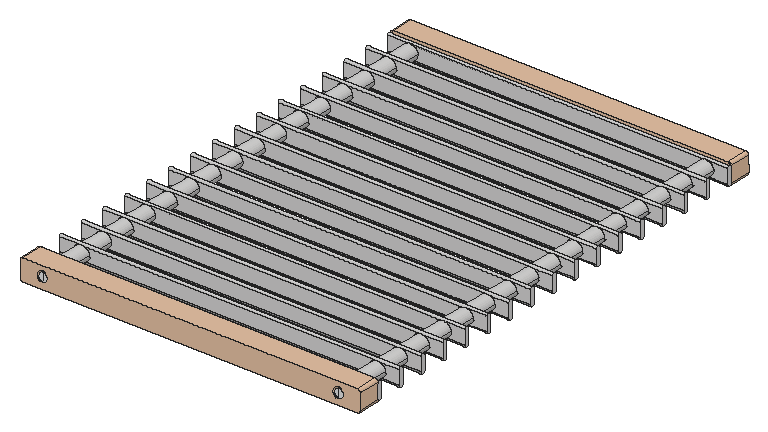
Revit family "Accessory-Sink_Rack-KOHLER-K-37923-1", category Specialty Equipment, host Face, Revit 2022 (continued)
Definition of nested family "K-37923"
  Automatic sketch dimensions
    curve 110 to curve 109 = 0.05825"
    curve 82 to curve 109 = 0.05825"
    level to curve 79 = 0.12255"
    curve 79 to curve 82 = 0.80847"
    curve 113 to curve 79 = 0.05825"
    curve 112 to curve 111 = 0.05825"
    curve 80 to curve 113 = 0.05825"
    level to curve 77 = 0.12255"
    curve 77 to curve 80 = 0.80849"
    curve 116 to curve 115 = 0.05825"
    curve 117 to curve 117 = 0.05825"
    curve 78 to curve 115 = 0.05825"
    level to curve 75 = 0.12255"
    curve 75 to curve 118 = 0.80865"
    curve 120 to curve 119 = 0.05825"
    curve 122 to curve 121 = 0.05825"
    curve 76 to curve 121 = 0.05825"
    level to curve 72 = 0.12255"
    curve 72 to curve 76 = 0.80838"
    curve 73 to curve 72 = 0.05825"
    curve 74 to curve 72 = 0.05825"
    curve 90 to plane 1 "Center (Front/Back)" = 0.05825"
    curve 137 to plane 6 = 0.12275"
    curve 90 to curve 137 = 0.81068"
    curve 137 to curve 142 = 0.05825"
    curve 140 to curve 139 = 0.05825"
    curve 140 to curve 138 = 0.05825"
    level to curve 135 = 0.12255"
    curve 138 to curve 135 = 0.8083"
    curve 135 to curve 145 = 0.05825"
    curve 144 to curve 144 = 0.05825"
    curve 144 to curve 136 = 0.05825"
    level to curve 133 = 0.12255"
    curve 146 to curve 133 = 0.8083"
    curve 133 to curve 148 = 0.05825"
    curve 149 to curve 149 = 0.05825"
    curve 148 to curve 134 = 0.05825"
    level to curve 131 = 0.12255"
    curve 150 to curve 131 = 207/256"
    curve 152 to curve 151 = 0.05825"
    curve 154 to curve 154 = 0.05825"
    curve 153 to curve 132 = 0.05825"
    level to curve 129 = 0.12255"
    curve 132 to curve 129 = 0.80847"
    curve 157 to curve 158 = 0.05825"
    curve 129 to curve 156 = 0.05825"
    curve 156 to curve 130 = 0.05825"
    curve 127 to plane 6 = 0.12275"
    curve 130 to curve 127 = 0.80849"
    curve 127 to curve 160 = 0.05825"
    curve 161 to curve 161 = 0.05825"
    curve 162 to curve 128 = 0.05825"
    curve 125 to plane 6 = 0.12275"
    curve 128 to curve 125 = 0.80865"
    curve 125 to curve 164 = 0.05825"
    curve 165 to curve 165 = 0.05825"
    curve 164 to curve 126 = 0.05825"
    level to curve 124 = 0.12255"
    curve 166 to curve 124 = 0.80838"
    curve 124 to curve 168 = 0.05825"
    curve 124 to curve 167 = 0.05825"
    level to curve 86 = 0.12255"
    level to curve 87 = 0.12255"
    level to curve 89 = 0.12255"
    level to curve 84 = 0.12255"
    level to curve 161 = 0.12255"
    level to curve 82 = 0.12255"
    level to curve 142 = 0.12255"
    level to curve 166 = 0.12255"
    curve 120 to plane 6 = 0.12275"
    curve 116 to plane 6 = 0.12275"
    curve 124 to plane 6 = 0.12275"
    curve 112 to plane 6 = 0.12275"
    curve 129 to plane 6 = 0.12275"
    curve 131 to plane 6 = 0.12275"
    curve 133 to plane 6 = 0.12275"
    curve 135 to plane 6 = 0.12275"
    curve 92 to plane 6 = 0.12275"
    curve 73 to plane 6 = 0.12275"
    curve 89 to curve 93 = 0.00136"
    curve 89 to curve 92 = 0.0012"
    curve 95 to curve 95 = 0.0012"
    curve 97 to curve 87 = 0.00136"
    curve 98 to curve 98 = 0.00136"
    curve 96 to curve 96 = 0.0012"
    curve 102 to curve 102 = 0.0012"
    curve 99 to curve 99 = 0.00136"
    curve 86 to curve 100 = 0.00136"
    curve 101 to curve 101 = 0.0012"
    curve 103 to curve 83 = 0.0012"
    curve 105 to curve 105 = 0.00136"
    curve 106 to curve 106 = 0.00136"
    curve 104 to curve 104 = 0.0012"
    curve 108 to curve 108 = 0.0012"
    curve 109 to curve 109 = 0.00136"
    curve 110 to curve 110 = 0.00136"
    curve 107 to curve 107 = 0.0012"
    curve 111 to curve 111 = 0.0012"
    curve 113 to curve 113 = 0.00136"
    curve 114 to curve 114 = 0.00136"
    curve 80 to curve 112 = 0.0012"
    curve 115 to curve 115 = 0.0012"
    curve 117 to curve 117 = 0.00136"
    curve 78 to curve 118 = 0.00136"
    curve 116 to curve 116 = 0.0012"
    curve 119 to curve 119 = 0.0012"
    curve 121 to curve 121 = 0.00136"
    curve 122 to curve 122 = 0.00136"
    curve 120 to curve 120 = 0.0012"
    curve 73 to curve 73 = 0.0012"
    curve 74 to curve 74 = 0.00136"
    curve 71 to curve 73 = 0.05825"
    curve 94 to curve 94 = 0.00136"
    curve 91 to curve 91 = 0.0012"
    curve 140 to curve 140 = 0.0012"
    curve 137 to curve 141 = 0.00136"
    curve 142 to curve 142 = 0.00136"
    curve 139 to curve 138 = 0.0012"
    curve 144 to curve 144 = 0.0012"
    curve 145 to curve 145 = 0.00136"
    curve 146 to curve 136 = 0.00136"
    curve 143 to curve 143 = 0.0012"
    curve 148 to curve 148 = 0.0012"
    curve 149 to curve 149 = 0.00136"
    curve 150 to curve 134 = 0.00136"
    curve 147 to curve 147 = 0.0012"
    curve 152 to curve 152 = 0.0012"
    curve 154 to curve 154 = 0.00136"
    curve 153 to curve 132 = 0.00136"
    curve 151 to curve 151 = 0.0012"
    curve 156 to curve 156 = 0.0012"
    curve 157 to curve 157 = 0.00136"
    curve 158 to curve 130 = 0.00136"
    curve 155 to curve 155 = 0.0012"
    curve 160 to curve 160 = 0.0012"
    curve 161 to curve 161 = 0.00136"
    curve 162 to curve 128 = 0.00136"
    curve 159 to curve 159 = 0.0012"
    curve 164 to curve 164 = 0.0012"
    curve 165 to curve 165 = 0.00136"
    curve 166 to curve 126 = 0.00136"
    curve 163 to curve 163 = 0.0012"
    curve 167 to curve 167 = 0.0012"
    curve 124 to curve 168 = 0.00136"
    curve 167 to curve 123 = 0.05825"
    curve 168 to curve 123 = 0"
    curve 71 to curve 74 = 0"
    curve 71 to curve 73 = 0"
    curve 167 to curve 123 = 0"
    curve 67 to curve 68 = 0"  (x2)
    curve 69 to curve 70 = 0"  (x2)
    curve 68 to plane 9 = 0"
    plane 10 to curve 70 = 0"
    curve 68 to plane 6 = 0.3599"
    curve 69 to plane 6 = 0.3599"
    plane 5 to Extrusion 1 sketch curve = 0"
    Extrusion 1 sketch curve to plane 6 = 0"
    Extrusion 1 sketch curve to level = 0"
    Extrusion 1 sketch curve to plane 4 = 0"
    Extrusion 1 sketch curve to Extrusion 1 sketch curve = 0.09799"
    Extrusion 1 sketch curve to plane 5 = 0.09843"
    Extrusion 1 sketch curve to Extrusion 1 sketch curve = 0.09843"
    Extrusion 1 sketch curve to plane 4 = 0.09843"
    plane 5 to Extrusion 2 sketch curve = 0"
    Extrusion 2 sketch curve to plane 6 = 0"
    Extrusion 2 sketch curve to level = 0"
    Extrusion 2 sketch curve to plane 4 = 0"
    Extrusion 2 sketch curve to Extrusion 2 sketch curve = 0.09799"
    Extrusion 2 sketch curve to plane 5 = 0.09843"
    Extrusion 2 sketch curve to Extrusion 2 sketch curve = 0.09843"
    Extrusion 2 sketch curve to plane 4 = 0.09843"
    Extrusion 3 sketch curve to plane 9 = 0"
    plane 10 to Extrusion 3 sketch curve = 0"
    level to Extrusion 3 sketch curve = 0.36003"  (x2)
    Extrusion 4 sketch curve to plane 1 "Center (Front/Back)" = 0"
    Extrusion 4 sketch curve to Extrusion 4 sketch curve = 0.05825"  (x17)
    level to Extrusion 4 sketch curve = 0.12255"  (x17)
    Extrusion 4 sketch curve to Extrusion 4 sketch curve = 0.81068"  (x2)
    Extrusion 4 sketch curve to Extrusion 4 sketch curve = 0.8083"  (x4)
    Extrusion 4 sketch curve to Extrusion 4 sketch curve = 207/256"  (x2)
    Extrusion 4 sketch curve to plane 6 = 0.12275"  (x17)
    Extrusion 4 sketch curve to Extrusion 4 sketch curve = 0.80847"  (x2)
    Extrusion 4 sketch curve to Extrusion 4 sketch curve = 0.80849"  (x2)
    Extrusion 4 sketch curve to Extrusion 4 sketch curve = 0.80865"  (x2)
    Extrusion 4 sketch curve to Extrusion 4 sketch curve = 0.80838"  (x2)
    Extrusion 5 sketch curve to plane 9 = 0"
    plane 10 to Extrusion 5 sketch curve = 0"
    level to Extrusion 5 sketch curve = 0.36003"  (x2)
    Revolve 6 sketch curve to plane 8 = 0.07626"
    plane 6 to Revolve 6 sketch curve = 0.3599"
    plane 6 to Revolve 6 sketch curve = 0.2774"
    plane 6 to Revolve 6 sketch curve = 0.1099"
    plane 6 to Revolve 6 sketch curve = 0.10864"
    plane 8 to Revolve 6 sketch curve = 0.0925"
    Revolve 6 sketch curve to Revolve 6 sketch curve = 0.2075"
    Revolve 6 sketch curve to Revolve 6 sketch curve = 0.43"
    Revolve 6 sketch curve to Revolve 6 sketch curve = 0"  (x2)
    Revolve 6 sketch curve to Revolve 6 sketch curve = 0.05162"
    plane 8 to Revolve 7 sketch curve = 0.01785"
    plane 6 to Revolve 7 sketch curve = 0.3599"
    Revolve 7 sketch curve to Revolve 7 sketch curve = 0.0787"
    Revolve 7 sketch curve to Revolve 7 sketch curve = 0.08458"
    Revolve 7 sketch curve to Revolve 7 sketch curve = 0.11144"
    plane 8 to Revolve 7 sketch curve = 0.10242"
    Revolve 7 sketch curve to Revolve 7 sketch curve = 0.22198"
    Revolve 7 sketch curve to Revolve 7 sketch curve = 0.40559"
    Revolve 7 sketch curve to Revolve 7 sketch curve = 0"  (x2)
    Revolve 7 sketch curve to plane 8 = 0.13854"
    plane 8 to Revolve 8 sketch curve = 0.07626"
    Revolve 8 sketch curve to plane 6 = 0.3599"
    Revolve 8 sketch curve to plane 6 = 0.2774"
    Revolve 8 sketch curve to plane 6 = 0.1099"
    Revolve 8 sketch curve to plane 6 = 0.10864"
    Revolve 8 sketch curve to plane 8 = 0.0925"
    Revolve 8 sketch curve to Revolve 8 sketch curve = 0.2075"
    Revolve 8 sketch curve to Revolve 8 sketch curve = 0.43"
    Revolve 8 sketch curve to Revolve 8 sketch curve = 0"  (x2)
    Revolve 8 sketch curve to Revolve 8 sketch curve = 0.05162"
    Revolve 9 sketch curve to plane 8 = 0.01785"
    Revolve 9 sketch curve to plane 6 = 0.3599"
    Revolve 9 sketch curve to Revolve 9 sketch curve = 0.0787"
    Revolve 9 sketch curve to Revolve 9 sketch curve = 0.08458"
    Revolve 9 sketch curve to Revolve 9 sketch curve = 0.11144"
    Revolve 9 sketch curve to plane 8 = 0.10242"
    Revolve 9 sketch curve to Revolve 9 sketch curve = 0.22198"
    Revolve 9 sketch curve to Revolve 9 sketch curve = 0.40559"
    Revolve 9 sketch curve to Revolve 9 sketch curve = 0"  (x2)
    plane 8 to Revolve 9 sketch curve = 0.13854"
    plane 7 to Revolve 10 sketch curve = 0.07626"
    Revolve 10 sketch curve to plane 6 = 0.3599"
    Revolve 10 sketch curve to plane 6 = 0.2774"
    Revolve 10 sketch curve to plane 6 = 0.1099"
    Revolve 10 sketch curve to plane 6 = 0.10864"
    Revolve 10 sketch curve to plane 7 = 0.0925"
    Revolve 10 sketch curve to Revolve 10 sketch curve = 0.2075"
    Revolve 10 sketch curve to Revolve 10 sketch curve = 0.43"
    Revolve 10 sketch curve to Revolve 10 sketch curve = 0"  (x2)
    Revolve 10 sketch curve to Revolve 10 sketch curve = 0.05162"
    Revolve 11 sketch curve to plane 7 = 0.01785"
    Revolve 11 sketch curve to plane 6 = 0.3599"
    Revolve 11 sketch curve to Revolve 11 sketch curve = 0.0787"
    Revolve 11 sketch curve to Revolve 11 sketch curve = 0.08458"
    Revolve 11 sketch curve to Revolve 11 sketch curve = 0.11144"
    Revolve 11 sketch curve to plane 7 = 0.10242"
    Revolve 11 sketch curve to Revolve 11 sketch curve = 0.22198"
    Revolve 11 sketch curve to Revolve 11 sketch curve = 0.40559"
    Revolve 11 sketch curve to Revolve 11 sketch curve = 0"  (x2)
    plane 7 to Revolve 11 sketch curve = 0.13854"
    plane 7 to Revolve 12 sketch curve = 0.07626"
    Revolve 12 sketch curve to plane 6 = 0.3599"
    Revolve 12 sketch curve to plane 6 = 0.2774"
    Revolve 12 sketch curve to plane 6 = 0.1099"
    Revolve 12 sketch curve to plane 6 = 0.10864"
    Revolve 12 sketch curve to plane 7 = 0.0925"
    Revolve 12 sketch curve to Revolve 12 sketch curve = 0.2075"
    Revolve 12 sketch curve to Revolve 12 sketch curve = 0.43"
    Revolve 12 sketch curve to Revolve 12 sketch curve = 0"  (x2)
    Revolve 12 sketch curve to Revolve 12 sketch curve = 0.05162"
    Revolve 13 sketch curve to plane 7 = 0.01785"
    Revolve 13 sketch curve to plane 6 = 0.3599"
    Revolve 13 sketch curve to Revolve 13 sketch curve = 0.0787"
    Revolve 13 sketch curve to Revolve 13 sketch curve = 0.08458"
    Revolve 13 sketch curve to Revolve 13 sketch curve = 0.11144"
    Revolve 13 sketch curve to plane 7 = 0.10242"
    Revolve 13 sketch curve to Revolve 13 sketch curve = 0.22198"
    Revolve 13 sketch curve to Revolve 13 sketch curve = 0.40559"
    Revolve 13 sketch curve to Revolve 13 sketch curve = 0"  (x2)
    plane 7 to Revolve 13 sketch curve = 0.13854"
    Masking region 1 sketch curve to plane 5 = 0"  (x2)
    plane 1 "Center (Front/Back)" to Masking region 1 sketch curve = 0"  (x2)
    Masking region 1 sketch curve to plane 4 = 0"  (x2)
    plane 7 to Masking region 1 sketch curve = 0"
    Masking region 1 sketch curve to plane 8 = 0"
    Masking region 1 sketch curve to Masking region 1 sketch curve = 0.04921"
    Masking region 1 sketch curve to Masking region 1 sketch curve = 0.05025"  (x2)
    Masking region 1 sketch curve to plane 5 = 0.05753"  (x2)
    Masking region 1 sketch curve to plane 5 = 0.05791"  (x2)
    Masking region 1 sketch curve to plane 5 = 0.05816"  (x2)
    Masking region 1 sketch curve to plane 5 = 0.05834"
    Masking region 1 sketch curve to plane 5 = 0.05837"  (x2)
    Masking region 1 sketch curve to plane 5 = 0.05839"
    Masking region 1 sketch curve to plane 5 = 0.05849"  (x2)
    Masking region 1 sketch curve to plane 5 = 0.05881"
    Masking region 1 sketch curve to plane 5 = 0.05926"  (x2)
    Masking region 1 sketch curve to plane 5 = 0.05952"  (x2)
    Masking region 1 sketch curve to plane 9 = 1/4"  (x9)
    Masking region 1 sketch curve to Masking region 1 sketch curve = 0"  (x52)
    plane 1 "Center (Front/Back)" to Masking region 1 sketch curve = 0.05825"  (x2)
    plane 9 to Masking region 1 sketch curve = 1/4"  (x4)
    Masking region 1 sketch curve to plane 1 "Center (Front/Back)" = 0.05825"  (x2)
    plane 10 to Masking region 1 sketch curve = 1/4"  (x12)
    Masking region 1 sketch curve to plane 10 = 1/4"  (x6)
    Masking region 1 sketch curve to plane 4 = 0.05952"  (x2)
    Masking region 1 sketch curve to plane 4 = 0.05926"  (x2)
    Masking region 1 sketch curve to plane 4 = 0.05881"
    Masking region 1 sketch curve to plane 4 = 0.05849"  (x2)
    Masking region 1 sketch curve to plane 4 = 0.05839"
    Masking region 1 sketch curve to plane 4 = 0.05837"  (x2)
    Masking region 1 sketch curve to plane 4 = 0.05834"
    Masking region 1 sketch curve to plane 4 = 0.05816"  (x2)
    Masking region 1 sketch curve to plane 4 = 0.05791"  (x2)
    Masking region 1 sketch curve to plane 4 = 0.05753"  (x2)
    Masking region 1 sketch curve to plane 4 = 0.04921"
    Masking region 1 sketch curve to plane 7 = 0.73"  (x2)
    Masking region 1 sketch curve to Masking region 1 sketch curve = 0.05797"  (x2)
    Masking region 1 sketch curve to Masking region 1 sketch curve = 0.80838"  (x4)
    Masking region 1 sketch curve to Masking region 1 sketch curve = 0.05825"  (x28)
    Masking region 1 sketch curve to Masking region 1 sketch curve = 0.1165"  (x14)
    Masking region 1 sketch curve to Masking region 1 sketch curve = 0.80865"  (x4)
    Masking region 1 sketch curve to Masking region 1 sketch curve = 0.80849"  (x3)
    Masking region 1 sketch curve to Masking region 1 sketch curve = 0.80847"  (x3)
    Masking region 1 sketch curve to Masking region 1 sketch curve = 207/256"  (x5)
    Masking region 1 sketch curve to Masking region 1 sketch curve = 0.8083"  (x7)
    Masking region 1 sketch curve to Masking region 1 sketch curve = 0.81068"  (x2)
    Masking region 1 sketch curve to Masking region 1 sketch curve = 0.05865"  (x2)
    plane 5 to Masking region 2 sketch curve = 0"
    Masking region 2 sketch curve to plane 6 = 0"
    Masking region 2 sketch curve to level = 0"
    Masking region 2 sketch curve to plane 4 = 0"
    Masking region 2 sketch curve to Masking region 2 sketch curve = 0.09799"
    Masking region 2 sketch curve to Masking region 2 sketch curve = 0.09843"
    Masking region 2 sketch curve to plane 4 = 0.09843"  (x2)
    Masking region 3 sketch curve to plane 6 = 0"  (x2)
    Masking region 3 sketch curve to plane 7 = 0"
    Masking region 3 sketch curve to level = 0"  (x2)
    Masking region 3 sketch curve to plane 1 "Center (Front/Back)" = 0"  (x2)
    Masking region 3 sketch curve to plane 8 = 0"
    Masking region 3 sketch curve to plane 6 = 0.12275"
    Masking region 3 sketch curve to plane 7 = 0.73"
    Masking region 3 sketch curve to Masking region 3 sketch curve = 0"  (x4)
    Masking region 3 sketch curve to Masking region 3 sketch curve = 0.05825"  (x4)
    Masking region 3 sketch curve to Masking region 3 sketch curve = 0.05689"  (x30)
    Masking region 3 sketch curve to Masking region 3 sketch curve = 0.05705"  (x30)
    Masking region 3 sketch curve to Masking region 3 sketch curve = 0.81079"  (x2)
    level to Masking region 3 sketch curve = 0.11003"
    Masking region 3 sketch curve to Masking region 3 sketch curve = 0.00016"  (x15)
    Masking region 3 sketch curve to Masking region 3 sketch curve = 0.81105"  (x2)
    Masking region 3 sketch curve to Masking region 3 sketch curve = 0.8109"  (x2)
    Masking region 3 sketch curve to Masking region 3 sketch curve = 0.81088"  (x2)
    Masking region 3 sketch curve to Masking region 3 sketch curve = 0.81098"  (x2)
    Masking region 3 sketch curve to Masking region 3 sketch curve = 0.81071"  (x4)
    plane 1 "Center (Front/Back)" to Masking region 3 sketch curve = 0.05705"
    plane 1 "Center (Front/Back)" to Masking region 3 sketch curve = 0.05689"
    Masking region 3 sketch curve to plane 1 "Center (Front/Back)" = 0.05689"
    Masking region 3 sketch curve to plane 1 "Center (Front/Back)" = 0.05705"
    Masking region 3 sketch curve to Masking region 3 sketch curve = 0.81308"
    Masking region 3 sketch curve to Masking region 3 sketch curve = 0.01252"  (x16)
    Masking region 3 sketch curve to Masking region 3 sketch curve = 0.01178"  (x16)
    level to Extrusion 14 sketch curve = 0.06569"  (x17)
    Extrusion 14 sketch curve to plane 7 = 0.73"
    Extrusion 14 sketch curve to Extrusion 14 sketch curve = 0.1165"  (x16)
    Extrusion 14 sketch curve to plane 6 = 0.0645"  (x17)
    Extrusion 14 sketch curve to Extrusion 14 sketch curve = 0.80838"  (x2)
    Extrusion 14 sketch curve to Extrusion 14 sketch curve = 0.80865"  (x2)
    Extrusion 14 sketch curve to Extrusion 14 sketch curve = 0.80849"  (x2)
    Extrusion 14 sketch curve to Extrusion 14 sketch curve = 0.80847"  (x2)
    Extrusion 14 sketch curve to Extrusion 14 sketch curve = 207/256"  (x2)
    Extrusion 14 sketch curve to Extrusion 14 sketch curve = 0.8083"  (x4)
    plane 1 "Center (Front/Back)" to Extrusion 14 sketch curve = 0.05825"
    Extrusion 14 sketch curve to plane 1 "Center (Front/Back)" = 0.05825"
    Extrusion 14 sketch curve to Extrusion 14 sketch curve = 0.81068"
    plane 5 to Extrusion 15 sketch curve = 0"
    Extrusion 15 sketch curve to level = 0"
    Extrusion 15 sketch curve to plane 4 = 0"
    Extrusion 15 sketch curve to plane 6 = 0"
    plane 5 to Extrusion 16 sketch curve = 0"
    Extrusion 16 sketch curve to level = 0"
    Extrusion 16 sketch curve to plane 4 = 0"
    Extrusion 16 sketch curve to plane 6 = 0"
    radius of curve 67 = 0.15784"
    radius of curve 68 = 0.175"
    radius of curve 69 = 0.15784"
    radius of curve 70 = 0.175"
    radius of Extrusion 3 sketch curve = 1/4"  (x2)
    radius of Extrusion 5 sketch curve = 0.25984"  (x2)
Types (5): name | Type | Secondary Finish | Product Page URL | Product Documentation Link | Model
  (no name) | 4 | Kohler-Wood-1WR-Natural_Maple | "http://www.us.kohler.com/us/catalog/productDetails.jsp?productNumber=37923-MPL" | "https://www.us.kohler.com/webassets/kpna/catalog/pdf/en/K-37923-MPL_spec_US-CA_Kohler_en.pdf" | "K-37923-MPL-NA"
  PAP, NA-Stainless | 1 | KOHLER-Paper_Composite-PAP-Slate | "http://www.us.kohler.com/us/catalog/productDetails.jsp?productNumber=37923-PAP" | "https://www.us.kohler.com/webassets/kpna/catalog/pdf/en/K-37923-PAP_spec_US-CA_Kohler_en.pdf" | "K-37923-PAP-NA"
  WAL, NA-Stainless | 2 | Kohler-Wood-WAL-Walnut | "http://www.us.kohler.com/us/catalog/productDetails.jsp?productNumber=37923-WAL" | "https://www.us.kohler.com/webassets/kpna/catalog/pdf/en/K-37923-WAL_spec_US-CA_Kohler_en.pdf" | "K-37923-WAL-NA"
  WHK, NA-Stainless | 3 | Kohler-Wood-WHK-White_Oak | "http://www.us.kohler.com/us/catalog/productDetails.jsp?productNumber=37923-WHK" | "https://www.us.kohler.com/webassets/kpna/catalog/pdf/en/K-37923-WHK_spec_US-CA_Kohler_en.pdf" | "K-37923-WHK-NA"
  MPL, NA-Stainless | 4 | Kohler-Wood-1WR-Natural_Maple | "http://www.us.kohler.com/us/catalog/productDetails.jsp?productNumber=37923-MPL" | "https://www.us.kohler.com/webassets/kpna/catalog/pdf/en/K-37923-MPL_spec_US-CA_Kohler_en.pdf" | "K-37923-MPL-NA"
